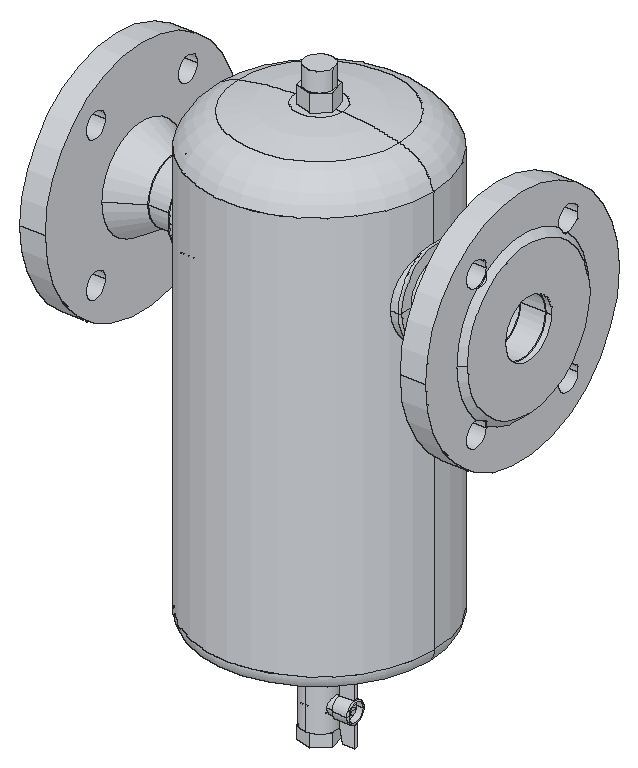
Revit family "Magnetic Dirt-Separator - R146MY105", category Plumbing Fixtures, Revit 2015
Reference planes
  plane 1 "Center (Front/Back)": y = 0
  plane 2: z = 0
  plane 3 "Center (Left/Right)": x = 0
  plane 4: z = 347
  plane 5: x = 90.5
  plane 6: x = -165
  plane 7: x = 165
  plane 8: y = 27.082
  plane 9: y = -27.082
  plane 10: z = 477
  plane 11: x = -90.5
  plane 12: y = 27.082
  plane 13: y = -27.082
  plane 14: x = -13.523
  plane 15: y = 27.082
  plane 16: y = -27.082
Forms (mm)
  Revolve 1, solid
    sketch origin (0, 0, 3) x (1, 0, 0) y (0, 0, 1)
      loop
        line (-90.5, 414.741) -> (-90.5, 90.761)
        arc (-90.5, 90.761) -> (-89.71, 86.246) -> (-87.435, 82.267) r 13.306
        arc (-87.435, 82.267) -> (-52.197, 65.042) -> (-13.523, 58.503) r 137.074
        line (-13.523, 58.503) -> (0, 58.503) -> (0, 445.733) -> (-18.592, 445.733)
        arc (-18.592, 445.733) -> (-41.317, 444.067) -> (-63.688, 439.743) r 193.539
        arc (-63.688, 439.743) -> (-80.291, 430.67) -> (-90.5, 414.741) r 38.188
      axis (0, 445.733) -> (0, 58.503)
    angle from 0 to 360
  Extrusion 2, solid
    sketch origin (0, 0, 448.912) x (1, 0, 0) y (0, 1, 0)
      loop
        line (9.899, 9.899) -> (-3.623, 13.523) -> (-13.523, 3.623) -> (-9.899, -9.899) -> (3.623, -13.523) -> (13.523, -3.623) -> (9.899, 9.899)
    from -0.912 to 13.088
  Extrusion 3, solid
    sketch origin (0, 0, 462) x (1, 0, 0) y (0, 1, 0)
      loop
        circle (0, 0) r 11
    from 0 to 15
  Extrusion 4, solid
    sketch origin (-37.5, 0, 23.737) x (0, 1, 0) y (0, 0, -1)
      loop
        circle (0, -323.263) r 25
    from -152.5 to 77.5
  Extrusion 5, solid
    sketch origin (0, 0, 37.792) x (0, -1, 0) y (1, 0, 0)
      loop
        line (-9.899, 9.899) -> (-13.523, -3.623) -> (-3.623, -13.523) -> (9.899, -9.899) -> (13.523, 3.623) -> (3.623, 13.523) -> (-9.899, 9.899)
    from 7.343 to 14.343
  Extrusion 6, solid
    sketch origin (0, 0, 53.87) x (0, -1, 0) y (1, 0, 0)
      loop
        circle (0, 0) r 12
    from -1.736 to 1.264
  Extrusion 7, solid
    sketch origin (0, 0, 49.331) x (0, -1, 0) y (1, 0, 0)
      loop
        circle (0, 0) r 13
    from 5.803 to 12.803
  Revolve 8, solid
    sketch origin (16.384, 0, 28.102) x (1, 0, 0) y (0, 1, 0)
      loop
        line (0.632, -8.291) -> (12.097, -8.291) -> (12.563, -7.291) -> (6.89, -7.291) -> (6.89, -2.2) -> (10.212, -2.2) -> (10.212, 0) -> (-27.115, 0) -> (-27.115, -7) -> (0.632, -7) -> (0.632, -8.291)
      axis (-27.115, 0) -> (12.563, 0)
    angle from 0 to 360
  Extrusion 9, solid
    sketch origin (0, -1, -5.625) x (-1, 0, 0) y (0, 0, 1)
      loop
        line (-17.015, 41.903) -> (-17.015, 47.933) -> (-19.099, 58.652) -> (-28.947, 58.652) -> (-28.947, 42.73) -> (-28.47, 41.903) -> (-17.015, 41.903)
      loop
        line (-19.099, 8.802) -> (-17.015, 19.522) -> (-17.015, 25.572) -> (-28.458, 25.572) -> (-28.947, 24.724) -> (-28.947, 8.802) -> (-19.099, 8.802)
    from 0 to 2
  SweptBlend 10, solid
    path origin (0, 0, 0) x (1, 0, 0) y (0, 0, 1)
      loop
        line (140, 347) -> (115, 347)
    profile origin (140, 0, 347) x (0, 0, -1) y (0, -1, 0)
      loop
        circle (0, 0) r 40
    end profile origin (115, 0, 347) x (0, 0, -1) y (0, -1, 0)
      loop
        circle (0, 0) r 25
  Extrusion 11, solid
    sketch origin (-62.5, 0, 23.737) x (0, 1, 0) y (0, 0, 1)
      loop
        circle (0, 323.263) r 95
      loop
        circle (45.307, 379.859) r 10
      loop
        circle (-45.307, 379.859) r 10
      loop
        circle (45.307, 266.667) r 10
      loop
        circle (-45.307, 266.667) r 10
    from -97.5 to -77.5
  SweptBlend 12, solid
    path origin (0, 0, 0) x (-1, 0, 0) y (0, 0, -1)
      loop
        line (140, -347) -> (115, -347)
    profile origin (-140, 0, 347) x (0, 0, 1) y (0, -1, 0)
      loop
        circle (0, 0) r 40
    end profile origin (-115, 0, 347) x (0, 0, 1) y (0, -1, 0)
      loop
        circle (0, 0) r 25
  SweptBlend 13, solid
    path origin (-292.5, 0, 0) x (1, 0, 0) y (0, 0, 1)
      loop
        line (132.5, 347) -> (127.5, 347)
    profile origin (-160, 0, 347) x (0, 0, -1) y (0, -1, 0)
      loop
        circle (0, 0) r 65
    end profile origin (-165, 0, 347) x (0, 0, -1) y (0, -1, 0)
      loop
        circle (0, 0) r 60
  Extrusion 14, solid
    sketch origin (0, 0, -7.343) x (0, -1, 0) y (1, 0, 0)
      loop
        line (-9.899, 9.899) -> (-13.523, -3.623) -> (-3.623, -13.523) -> (9.899, -9.899) -> (13.523, 3.623) -> (3.623, 13.523) -> (-9.899, 9.899)
    from 7.343 to 17.343
  Extrusion 15, solid
    sketch origin (0, 0, 36.27) x (0, -1, 0) y (1, 0, 0)
      loop
        circle (0, 0) r 13
    from -26.27 to 8.865
  Extrusion 16, solid
    sketch origin (62.5, 0, 23.737) x (0, 1, 0) y (0, 0, -1)
      loop
        circle (0, -323.263) r 95
      loop
        circle (45.307, -379.859) r 10
      loop
        circle (-45.307, -379.859) r 10
      loop
        circle (45.307, -266.667) r 10
      loop
        circle (-45.307, -266.667) r 10
    from -97.5 to -77.5
  SweptBlend 17, solid
    path origin (292.5, 0, 0) x (-1, 0, 0) y (0, 0, -1)
      loop
        line (132.5, -347) -> (127.5, -347)
    profile origin (160, 0, 347) x (0, 0, 1) y (0, -1, 0)
      loop
        circle (0, 0) r 65
    end profile origin (165, 0, 347) x (0, 0, 1) y (0, -1, 0)
      loop
        circle (0, 0) r 60
  Extrusion 18, void
    sketch origin (0, 0, 0) x (0, 1, 0) y (0, 0, 1)
      loop
        circle (-45.307, 403.596) r 10
    from 134.322 to 170
  Extrusion 19, void
    sketch origin (0, 90.614, 0) x (0, 1, 0) y (0, 0, 1)
      loop
        circle (-45.307, 403.596) r 10
    from 134.322 to 170
  Extrusion 20, void
    sketch origin (0, 90.614, -113.193) x (0, 1, 0) y (0, 0, 1)
      loop
        circle (-45.307, 403.596) r 10
    from 134.322 to 170
  Extrusion 21, void
    sketch origin (0, 0, -113.193) x (0, 1, 0) y (0, 0, 1)
      loop
        circle (-45.307, 403.596) r 10
    from 134.322 to 170
  Extrusion 22, void
    sketch origin (-300, 90.614, 0) x (0, 1, 0) y (0, 0, 1)
      loop
        circle (-45.307, 403.596) r 10
    from 127.052 to 170
  Extrusion 23, void
    sketch origin (-300, 90.614, -113.193) x (0, 1, 0) y (0, 0, 1)
      loop
        circle (-45.307, 403.596) r 10
    from 129.816 to 170
  Extrusion 24, void
    sketch origin (-300, 0, -113.193) x (0, 1, 0) y (0, 0, 1)
      loop
        circle (-45.307, 403.596) r 10
    from 129.816 to 170
  Extrusion 25, void
    sketch origin (-300, 0, 0) x (0, 1, 0) y (0, 0, 1)
      loop
        circle (-45.307, 403.596) r 10
    from 129.816 to 170
  Revolve 26, solid
    sketch origin (0, 0, 347) x (1, 0, 0) y (0, 1, 0)
      loop
        line (-91.75, 25.156) -> (91.902, 25.156) -> (91.902, 33.508)
        arc (91.902, 33.508) -> (91.465, 34.563) -> (90.41, 35) r 1.492
        line (90.41, 35) -> (-90.258, 35)
        arc (-90.258, 35) -> (-91.313, 34.563) -> (-91.75, 33.508) r 1.492
        line (-91.75, 33.508) -> (-91.75, 25.156)
      axis (91.902, 0) -> (-91.75, 0)
    angle from 0 to 360
  Sweep 27, void
    path origin (0, 0, 0) x (1, 0, 0) y (0, 1, 0)
      loop
        line (-190, 0) -> (195, 0)
    profile origin (2.5, 0, 0) x (0, 1, 0) y (0, 0, 1)
      loop
        circle (0, 347) r 23
Cuts and joins
  Extrusion 18, Sweep 27 cuts Revolve 1
  Extrusion 18, Extrusion 19, Extrusion 20, Extrusion 21, Sweep 27 cuts Extrusion 16
  Extrusion 18, Extrusion 19, Extrusion 20, Extrusion 21, Sweep 27 cuts SweptBlend 17
  Extrusion 22, Extrusion 23, Extrusion 24, Extrusion 25, Sweep 27 cuts Extrusion 11
  Extrusion 22, Extrusion 23, Extrusion 24, Extrusion 25, Sweep 27 cuts SweptBlend 13
  Sweep 27 cuts Extrusion 4
  Sweep 27 cuts SweptBlend 10
  Sweep 27 cuts SweptBlend 12
Dimensions and locks
  plane 2 to plane 4 = 347 mm
  equal spacing: plane 6, plane 3 "Center (Left/Right)", plane 7
  plane 7 to plane 3 "Center (Left/Right)" = 165 mm  (x2)
  plane 6 to plane 7 = 330 mm
  plane 2 to plane 10 = 477 mm
  equal spacing: plane 5, plane 3 "Center (Left/Right)", plane 11
  plane 3 "Center (Left/Right)" to plane 11 = 90.5 mm
  plane 5 to plane 11 = 181 mm
  aligned and locked: level to plane 2
Automatic sketch dimensions
  Revolve 1 sketch curve to plane 11 = 0 mm
  plane 14 to Revolve 1 sketch curve = 0 mm
  Revolve 1 sketch curve to plane 3 "Center (Left/Right)" = 0 mm  (x2)
  plane 11 to Revolve 1 sketch curve = 13.306 mm
  plane 11 to Revolve 1 sketch curve = 36.254 mm
  plane 14 to Revolve 1 sketch curve = 5.069 mm
  plane 14 to Revolve 1 sketch curve = 2.312 mm
  Revolve 1 sketch curve to plane 14 = 3.282 mm
  level to Revolve 1 sketch curve = 61.503 mm
  Revolve 1 sketch curve to Revolve 1 sketch curve = 32.259 mm
  Revolve 1 sketch curve to Revolve 1 sketch curve = 104.776 mm
  Revolve 1 sketch curve to Revolve 1 sketch curve = 56.676 mm
  plane 4 to Revolve 1 sketch curve = 58.74 mm
  Revolve 1 sketch curve to Revolve 1 sketch curve = 12 mm
  Revolve 1 sketch curve to plane 10 = 28.267 mm
  Revolve 1 sketch curve to plane 10 = 4 mm
  plane 10 to Revolve 1 sketch curve = 136 mm
  Extrusion 2 sketch curve to plane 14 = 0 mm
  Extrusion 2 sketch curve to plane 14 = 3.623 mm
  Extrusion 2 sketch curve to plane 3 "Center (Left/Right)" = 3.623 mm
  plane 3 "Center (Left/Right)" to Extrusion 2 sketch curve = 3.623 mm
  plane 3 "Center (Left/Right)" to Extrusion 2 sketch curve = 9.899 mm
  plane 1 "Center (Front/Back)" to Extrusion 2 sketch curve = 3.623 mm
  plane 3 "Center (Left/Right)" to Extrusion 2 sketch curve = 13.523 mm
  plane 1 "Center (Front/Back)" to Extrusion 2 sketch curve = 9.899 mm
  plane 1 "Center (Front/Back)" to Extrusion 2 sketch curve = 13.523 mm
  Extrusion 2 sketch curve to plane 1 "Center (Front/Back)" = 3.623 mm
  Extrusion 2 sketch curve to plane 1 "Center (Front/Back)" = 9.899 mm
  Extrusion 2 sketch curve to plane 1 "Center (Front/Back)" = 13.523 mm
  plane 1 "Center (Front/Back)" to Extrusion 3 sketch curve = 0 mm
  Extrusion 3 sketch curve to plane 3 "Center (Left/Right)" = 0 mm
  Extrusion 4 sketch curve to plane 1 "Center (Front/Back)" = 0 mm
  Extrusion 4 sketch curve to plane 4 = 0 mm
  Extrusion 5 sketch curve to plane 14 = 0 mm
  Extrusion 5 sketch curve to plane 3 "Center (Left/Right)" = 3.623 mm
  Extrusion 5 sketch curve to plane 1 "Center (Front/Back)" = 13.523 mm
  Extrusion 5 sketch curve to plane 1 "Center (Front/Back)" = 9.899 mm
  Extrusion 5 sketch curve to plane 1 "Center (Front/Back)" = 3.623 mm
  plane 1 "Center (Front/Back)" to Extrusion 5 sketch curve = 3.623 mm
  Extrusion 5 sketch curve to plane 14 = 3.623 mm
  plane 1 "Center (Front/Back)" to Extrusion 5 sketch curve = 9.899 mm
  plane 3 "Center (Left/Right)" to Extrusion 5 sketch curve = 3.623 mm
  plane 1 "Center (Front/Back)" to Extrusion 5 sketch curve = 13.523 mm
  plane 3 "Center (Left/Right)" to Extrusion 5 sketch curve = 9.899 mm
  plane 3 "Center (Left/Right)" to Extrusion 5 sketch curve = 13.523 mm
  plane 1 "Center (Front/Back)" to Extrusion 6 sketch curve = 0 mm
  Extrusion 6 sketch curve to plane 3 "Center (Left/Right)" = 0 mm
  plane 1 "Center (Front/Back)" to Extrusion 7 sketch curve = 0 mm
  Extrusion 7 sketch curve to plane 3 "Center (Left/Right)" = 0 mm
  plane 1 "Center (Front/Back)" to Revolve 8 sketch curve = 0 mm  (x2)
  Revolve 8 sketch curve to plane 14 = 2.792 mm
  plane 1 "Center (Front/Back)" to Revolve 8 sketch curve = 8.291 mm
  plane 3 "Center (Left/Right)" to Revolve 8 sketch curve = 17.015 mm
  Revolve 8 sketch curve to Revolve 8 sketch curve = 6.258 mm
  Revolve 8 sketch curve to Revolve 8 sketch curve = 3.322 mm
  Revolve 8 sketch curve to Revolve 8 sketch curve = 5.207 mm
  plane 1 "Center (Front/Back)" to Revolve 8 sketch curve = 7.291 mm
  Revolve 8 sketch curve to Revolve 8 sketch curve = 0.466 mm
  Revolve 8 sketch curve to Revolve 8 sketch curve = 1.291 mm
  plane 1 "Center (Front/Back)" to Revolve 8 sketch curve = 2.2 mm
  plane 3 "Center (Left/Right)" to Revolve 8 sketch curve = 8.982 mm
  Revolve 8 sketch curve to Revolve 8 sketch curve = 6.708 mm
  plane 3 "Center (Left/Right)" to Extrusion 9 sketch curve = 28.947 mm
  Extrusion 9 sketch curve to Extrusion 9 sketch curve = 0 mm
  Extrusion 9 sketch curve to Extrusion 9 sketch curve = 0.477 mm
  Extrusion 9 sketch curve to Extrusion 9 sketch curve = 0.489 mm
  level to Extrusion 9 sketch curve = 3.177 mm
  Extrusion 9 sketch curve to Extrusion 9 sketch curve = 9.848 mm  (x2)
  Extrusion 9 sketch curve to Extrusion 9 sketch curve = 2.084 mm
  Extrusion 9 sketch curve to Extrusion 9 sketch curve = 11.443 mm
  Extrusion 9 sketch curve to Extrusion 9 sketch curve = 10.719 mm
  Extrusion 9 sketch curve to Extrusion 9 sketch curve = 5.203 mm
  Extrusion 9 sketch curve to Extrusion 9 sketch curve = 6.05 mm
  Extrusion 9 sketch curve to Extrusion 9 sketch curve = 16.332 mm
  Extrusion 9 sketch curve to Extrusion 9 sketch curve = 0.827 mm
  Extrusion 9 sketch curve to Extrusion 9 sketch curve = 6.029 mm
  Extrusion 9 sketch curve to Extrusion 9 sketch curve = 15.922 mm
  SweptBlend 10 sketch curve to plane 4 = 0 mm
  plane 5 to SweptBlend 10 sketch curve = 24.5 mm
  plane 7 to SweptBlend 10 sketch curve = 25 mm
  SweptBlend 10 sketch curve to SweptBlend 10 sketch curve = 0 mm  (x4)
  SweptBlend 10 sketch curve to profile plane = 0 mm  (x4)
  SweptBlend 10 sketch curve to profile plane = 40 mm
  SweptBlend 10 sketch curve to profile plane = 25 mm
  Extrusion 11 sketch curve to plane 1 "Center (Front/Back)" = 0 mm
  Extrusion 11 sketch curve to plane 4 = 0 mm
  Extrusion 11 sketch curve to plane 13 = 18.225 mm  (x2)
  Extrusion 11 sketch curve to plane 12 = 18.225 mm  (x2)
  Extrusion 11 sketch curve to plane 4 = 56.596 mm  (x2)
  plane 4 to Extrusion 11 sketch curve = 56.596 mm  (x2)
  SweptBlend 12 sketch curve to plane 4 = 0 mm
  SweptBlend 12 sketch curve to plane 11 = 24.5 mm
  SweptBlend 12 sketch curve to plane 6 = 25 mm
  SweptBlend 12 sketch curve to SweptBlend 12 sketch curve = 0 mm  (x4)
  profile plane to SweptBlend 12 sketch curve = 0 mm  (x2)
  SweptBlend 12 sketch curve to profile plane = 0 mm  (x2)
  SweptBlend 12 sketch curve to profile plane = 40 mm
  SweptBlend 12 sketch curve to profile plane = 25 mm
  SweptBlend 13 sketch curve to plane 4 = 0 mm
  plane 6 to SweptBlend 13 sketch curve = 0 mm
  SweptBlend 13 sketch curve to plane 6 = 5 mm
  SweptBlend 13 sketch curve to SweptBlend 13 sketch curve = 0 mm  (x4)
  SweptBlend 13 sketch curve to profile plane = 0 mm  (x4)
  SweptBlend 13 sketch curve to profile plane = 65 mm
  SweptBlend 13 sketch curve to profile plane = 60 mm
  Extrusion 14 sketch curve to plane 14 = 0 mm
  Extrusion 14 sketch curve to plane 3 "Center (Left/Right)" = 3.623 mm
  Extrusion 14 sketch curve to plane 1 "Center (Front/Back)" = 13.523 mm
  Extrusion 14 sketch curve to plane 1 "Center (Front/Back)" = 9.899 mm
  Extrusion 14 sketch curve to plane 1 "Center (Front/Back)" = 3.623 mm
  plane 1 "Center (Front/Back)" to Extrusion 14 sketch curve = 3.623 mm
  Extrusion 14 sketch curve to plane 14 = 3.623 mm
  plane 1 "Center (Front/Back)" to Extrusion 14 sketch curve = 9.899 mm
  plane 3 "Center (Left/Right)" to Extrusion 14 sketch curve = 3.623 mm
  plane 1 "Center (Front/Back)" to Extrusion 14 sketch curve = 13.523 mm
  plane 3 "Center (Left/Right)" to Extrusion 14 sketch curve = 9.899 mm
  plane 3 "Center (Left/Right)" to Extrusion 14 sketch curve = 13.523 mm
  plane 1 "Center (Front/Back)" to Extrusion 15 sketch curve = 0 mm
  Extrusion 15 sketch curve to plane 3 "Center (Left/Right)" = 0 mm
  Extrusion 16 sketch curve to plane 1 "Center (Front/Back)" = 0 mm
  Extrusion 16 sketch curve to plane 4 = 0 mm
  Extrusion 16 sketch curve to plane 16 = 18.225 mm  (x2)
  Extrusion 16 sketch curve to plane 15 = 18.225 mm  (x2)
  plane 4 to Extrusion 16 sketch curve = 56.596 mm  (x2)
  Extrusion 16 sketch curve to plane 4 = 56.596 mm  (x2)
  SweptBlend 17 sketch curve to plane 4 = 0 mm
  plane 7 to SweptBlend 17 sketch curve = 0 mm
  plane 7 to SweptBlend 17 sketch curve = 5 mm
  SweptBlend 17 sketch curve to SweptBlend 17 sketch curve = 0 mm  (x4)
  profile plane to SweptBlend 17 sketch curve = 0 mm  (x2)
  SweptBlend 17 sketch curve to profile plane = 0 mm  (x2)
  SweptBlend 17 sketch curve to profile plane = 65 mm
  SweptBlend 17 sketch curve to profile plane = 60 mm
  Extrusion 18 sketch curve to Extrusion 18 sketch curve = 0 mm  (x2)
  plane 1 "Center (Front/Back)" to Extrusion 18 sketch curve = 45.307 mm
  plane 4 to Extrusion 18 sketch curve = 56.596 mm
  Extrusion 18 sketch curve to Extrusion 18 sketch curve = 10 mm
  Extrusion 19 sketch curve to Extrusion 19 sketch curve = 0 mm  (x2)
  Extrusion 19 sketch curve to plane 1 "Center (Front/Back)" = 45.307 mm
  plane 4 to Extrusion 19 sketch curve = 56.596 mm
  Extrusion 19 sketch curve to Extrusion 19 sketch curve = 10 mm
  Extrusion 20 sketch curve to Extrusion 20 sketch curve = 0 mm  (x2)
  Extrusion 20 sketch curve to plane 1 "Center (Front/Back)" = 45.307 mm
  Extrusion 20 sketch curve to plane 4 = 56.596 mm
  Extrusion 20 sketch curve to Extrusion 20 sketch curve = 10 mm
  Extrusion 21 sketch curve to Extrusion 21 sketch curve = 0 mm  (x2)
  plane 1 "Center (Front/Back)" to Extrusion 21 sketch curve = 45.307 mm
  Extrusion 21 sketch curve to plane 4 = 56.596 mm
  Extrusion 21 sketch curve to Extrusion 21 sketch curve = 10 mm
  Extrusion 22 sketch curve to Extrusion 22 sketch curve = 0 mm  (x2)
  Extrusion 22 sketch curve to plane 1 "Center (Front/Back)" = 45.307 mm
  plane 4 to Extrusion 22 sketch curve = 56.596 mm
  Extrusion 22 sketch curve to Extrusion 22 sketch curve = 10 mm
  Extrusion 23 sketch curve to Extrusion 23 sketch curve = 0 mm  (x2)
  Extrusion 23 sketch curve to plane 1 "Center (Front/Back)" = 45.307 mm
  Extrusion 23 sketch curve to plane 4 = 56.596 mm
  Extrusion 23 sketch curve to Extrusion 23 sketch curve = 10 mm
  Extrusion 24 sketch curve to Extrusion 24 sketch curve = 0 mm  (x2)
  plane 1 "Center (Front/Back)" to Extrusion 24 sketch curve = 45.307 mm
  Extrusion 24 sketch curve to plane 4 = 56.596 mm
  Extrusion 24 sketch curve to Extrusion 24 sketch curve = 10 mm
  Extrusion 25 sketch curve to Extrusion 25 sketch curve = 0 mm  (x2)
  plane 1 "Center (Front/Back)" to Extrusion 25 sketch curve = 45.307 mm
  plane 4 to Extrusion 25 sketch curve = 56.596 mm
  Extrusion 25 sketch curve to Extrusion 25 sketch curve = 10 mm
  plane 1 "Center (Front/Back)" to Revolve 26 sketch curve = 0 mm
  Revolve 26 sketch curve to plane 11 = 1.25 mm
  plane 11 to Revolve 26 sketch curve = 0.242 mm
  Revolve 26 sketch curve to plane 5 = 0.09 mm
  plane 5 to Revolve 26 sketch curve = 1.402 mm
  Revolve 26 sketch curve to plane 1 "Center (Front/Back)" = 25.156 mm
  Revolve 26 sketch curve to Revolve 26 sketch curve = 8.351 mm
  plane 14 to Revolve 26 sketch curve = 30.977 mm
  Revolve 26 sketch curve to plane 5 = 30 mm
  plane 1 "Center (Front/Back)" to Sweep 27 sketch curve = 0 mm
  plane 6 to Sweep 27 sketch curve = 25 mm
  Sweep 27 sketch curve to plane 7 = 30 mm
  Sweep 27 sketch curve to profile plane = 0 mm
  level to Sweep 27 sketch curve = 347 mm
  radius of Extrusion 3 sketch curve = 11 mm
  radius of Extrusion 4 sketch curve = 25 mm
  radius of Extrusion 6 sketch curve = 12 mm
  radius of Extrusion 7 sketch curve = 13 mm
  radius of Extrusion 11 sketch curve = 95 mm
  radius of Extrusion 11 sketch curve = 10 mm  (x4)
  radius of Extrusion 15 sketch curve = 13 mm
  radius of Extrusion 16 sketch curve = 95 mm
  radius of Extrusion 16 sketch curve = 10 mm  (x4)
  radius of Sweep 27 sketch curve = 23 mm
